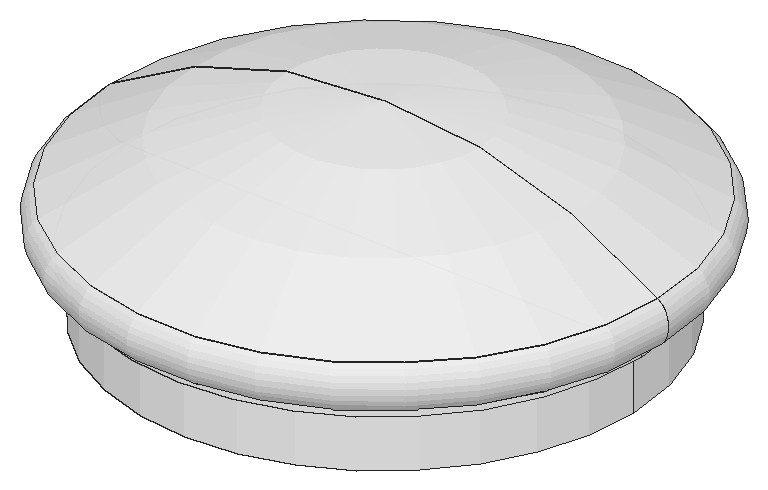
Revit family "3079106 Sylvania_Clio LED_Surface Mounted", category Lighting Fixtures, host Face, Revit 2017
Family settings
  Host = Face
  Round Connector Dimension = Use Diameter
  Part Type = Normal
  OmniClass Number = 23.80.70.11.17
  OmniClass Title = Specialized Lighting by Location or Use
  Cut with Voids When Loaded = No
  Light Source = Yes
  Shared = No
  Room Calculation Point = No
Parameters (values of type "CLIO 320 LO LED 15W WW EB")
  Wattage = 14.2857 W
  built-in parameter 1150110 = 1 (stored number, unit not read)
  Voltage Comments = "UNV (Universal Voltage; 230-240 Volt)"  # constant formula
  Voltage = 230 V  # constant formula
  URL = "http://www.sylvania-lighting.com"
  built-in parameter 1114217 = 1 (stored number, unit not read)
  Tilt Angle = -90.00°
  built-in parameter 1150109 = 1 (stored number, unit not read)
  built-in parameter 1150134 = (empty or 0)
  built-in parameter 1150113 = 1 (stored number, unit not read)
  Radius = 160.00 mm
  Product Page URL = "http://www.sylvania-lighting.com/product/en-int/products/3079106"
  Product Family = "CLIO LED"  # constant formula
  Photometry Comments = ""
  Photometric Web File = "3079103_Clio320LOLED3000K-180013.ies"
  Life = "40 000h"  # constant formula
  IP Rating = "IP 44"  # constant formula
  IK Rating = "IK 04"  # constant formula
  Height = 108.00 mm
  Electrical Protection = "Class II"  # constant formula
  Drive Current = "200 mA"  # constant formula
  Diameter = Radius * 2  # 320.00 mm
  Difuser Material = Acrylic Glass_Sylvania_Clio LED_White
  built-in parameter 1114216 [instance] = 1 (stored number, unit not read)
  Model = "CLIO 320 LO LED 15W WW EB"
  Manufacturer = "Feilo Sylvania"
  built-in parameter 1150105 = 268.69 (stored number, unit not read)
  Lumens = 1000 lm
  built-in parameter 1150115 = 1 (stored number, unit not read)
  built-in parameter 1150137 = (empty or 0)
  built-in parameter 1150139 = (empty or 0)
  built-in parameter 1150112 = 1 (stored number, unit not read)
  built-in parameter 1150114 = 1 (stored number, unit not read)
  Lamp Comments = "Integrated LED"  # constant formula
  Lamp = "10W"  # constant formula
  built-in parameter 1150132 = 2
  built-in parameter 1150102 = (empty or 0)
  built-in parameter 1150107 = 3000 (stored number, unit not read)
  built-in parameter 1150138 = (empty or 0)
  built-in parameter 1150106 = 2.6869 (stored number, unit not read)
  Body Material = Polycarbonate_Sylvania_Clio LED_White
  built-in parameter 1150104 = 6.5032 (stored number, unit not read)
  Dimming Lamp Color Temperature Shift = <None>
  Description = "Clio LED is a new range of wall and\r\nceiling mounted ambient LED luminaires.\r\nThanks to its IP44 rating, the range can be\r\nused in corridors, circulation spaces and\r\nfoyers or applicable zone 1 bathroom and\r\nwet areas.\r\nClio LED benefits from a simple yet\r\nrobust design. It offers a uniform light\r\ndistribution whilst providing an ambient\r\nhalo lighting effect on the wall surface.\r\nClio LED allows for surface wiring and also\r\nhas loop-in loop-out capability, making it a\r\ncontractor’s first choice."  # constant formula
  Default Elevation = 0.00 mm
  Color Filter = 16777215
  Catalog Number = "3079103 CLIO 320 LO LED 15W WW EB"
  built-in parameter 1140040 [instance] = 1
  built-in parameter 1114218 = 1 (stored number, unit not read)
  built-in parameter 1150133 = 10 (stored number, unit not read)
  Assembly Code = "D5020200"
  Apparent Load Comments = ""
  Apparent Load = 15 VA
Types (6, lengths in mm): name | Wattage | built-in parameter 1150134 | Radius | Photometric Web File | Diameter | Model | built-in parameter 1150105 | Lumens | built-in parameter 1150107 | built-in parameter 1150106 | Catalog Number | Apparent Load
  CLIO 320 HO LED 20W WW EB | 20 W | (empty or 0) | 160.00 | "3079101 20W 3000K.ies" | 320.00 | "CLIO 320 HO LED 20W WW EB" | 111.41 (stored number, unit not read) | 1400 lm | 3000 (stored number, unit not read) | 1.1141 (stored number, unit not read) | "3079101 CLIO 320 HO LED 20W WW EB" | 20 VA
  CLIO 320 HO LED 20W NW EB | 21 W | 12 | 160.00 | "3079102_Clio320HOLED4000K-180002.ies" | 320.00 | "CLIO 320 HO LED 20W NW EB" | 116.98 (stored number, unit not read) | 1470 lm | 4000 (stored number, unit not read) | 1.1698 (stored number, unit not read) | "3079102 CLIO 320 HO LED 20W WW EB" | 20 VA
  CLIO 320 LO LED 15W WW EB | 14.2857 W | (empty or 0) | 160.00 | "3079103_Clio320LOLED3000K-180013.ies" | 320.00 | "CLIO 320 LO LED 15W WW EB" | 268.69 (stored number, unit not read) | 1000 lm | 3000 (stored number, unit not read) | 2.6869 (stored number, unit not read) | "3079103 CLIO 320 LO LED 15W WW EB" | 15 VA
  CLIO 320 LO LED 15W NW EB | 15 W | 12 | 160.00 | "3079104_Clio320LOLED4000K-180024.ies" | 320.00 | "CLIO 320 LO LED 15W NW EB" | 274.93 (stored number, unit not read) | 1050 lm | 4000 (stored number, unit not read) | 2.7493 (stored number, unit not read) | "3079104 CLIO 320 LO LED 15W NW EB" | 15 VA
  CLIO 280 HO LED 10W WW EB | 10.1429 W | (empty or 0) | 140.00 | "3079105_Clio280HOLED3000K-180035.ies" | 280.00 | "CLIO 280 HO LED 10W WW EB" | 173.75 (stored number, unit not read) | 710 lm | 3000 (stored number, unit not read) | 1.7375 (stored number, unit not read) | "3079105 CLIO 280 HO LED 10W WW EB" | 10 VA
  CLIO 280 HO LED 10W NW EB | 10.8571 W | 12 | 140.00 | "3079106_Clio280HOLED4000K-180047.ies" | 280.00 | "CLIO 280 HO LED 10W NW EB" | 185.99 (stored number, unit not read) | 760 lm | 4000 (stored number, unit not read) | 1.8599 (stored number, unit not read) | "3079106 CLIO 280 HO LED 10W NW EB" | 10 VA
Reference planes
  plane 1 "Center (Front/Back)": y = 0
  plane 2: z = 0
  plane 3 "Center (Left/Right)": x = 0
  plane 4 "Fixture Bottom": z = 108
  plane 5 "Fixture Right": x = 160
  plane 6 "Fixture Left": x = -160
  plane 7: z = 30
  plane 8: z = 35
  plane 9: x = 140
  plane 10: x = 145
  plane 11: x = -140
  plane 12: x = -145
  plane 13: x = 154
  plane 14: x = -154
Forms (mm)
  Revolve 1, solid, material "Polycarbonate_Sylvania_Clio LED_White" <- "Body Material", detail levels fine
    sketch origin (0, 0, 0) x (1, 0, 0) y (0, 0, 1)
      loop
        line (0, 0) -> (140, 0) -> (140, 30) -> (145, 30) -> (145, 35) -> (0, 35) -> (0, 0)
      axis (0, 35) -> (0, 0)
    angle from 0 to 360
  Revolve 2, solid, material "Acrylic Glass_Sylvania_Clio LED_White" <- "Difuser Material", detail levels fine
    sketch origin (0, 0, 0) x (1, 0, 0) y (0, 0, 1)
      loop
        line (0, 35) -> (145, 35)
        arc (145, 35) -> (159.252, 45.278) -> (154, 62.045) r 15.02
        arc (154, 62.045) -> (80.556, 96.941) -> (0, 108) r 265.802
        line (0, 108) -> (0, 35)
      axis (0, 108) -> (0, 35)
    angle from 0 to 360
  Revolve 3, solid, material "Polycarbonate_Sylvania_Clio LED_White" <- "Body Material", detail levels coarse+medium
    sketch origin (0, 0, 0) x (1, 0, 0) y (0, 0, 1)
      loop
        line (0, 108) -> (0, 0) -> (140, 0) -> (140, 30) -> (145, 30) -> (145, 35)
        arc (145, 35) -> (159.235, 45.283) -> (154, 62.045) r 15.028
        arc (154, 62.045) -> (80.556, 96.941) -> (0, 108) r 265.802
      axis (0, 108) -> (0, 0)
    angle from 0 to 360
Dimensions and locks
  "Height": plane 4 "Fixture Bottom" to plane 2
  equal spacing: plane 5 "Fixture Right", plane 3 "Center (Left/Right)", plane 6 "Fixture Left"
  "Diameter": plane 5 "Fixture Right" to plane 6 "Fixture Left"
  plane 8 to plane 7 to plane 2 = 5.00 mm locked, 30.00 mm locked
  locked: plane 5 "Fixture Right" to plane 10 at 15
  locked: plane 5 "Fixture Right" to plane 9 at 20
  locked: plane 5 "Fixture Right" to plane 13 at 6
  locked: plane 11 to plane 6 "Fixture Left" at 20
  locked: plane 12 to plane 6 "Fixture Left" at 15
  locked: plane 14 to plane 6 "Fixture Left" at 6
  aligned and locked: host face to plane 2
  aligned and locked: level to host face
  aligned and locked: plane 3 "Center (Left/Right)" to Revolve 1 sketch curve
  aligned and locked: Revolve 1 sketch curve to plane 2
  aligned and locked: plane 8 to Revolve 1 sketch curve
  aligned and locked: Revolve 1 sketch curve to plane 7
  aligned and locked: Revolve 1 sketch curve to plane 9
  aligned and locked: Revolve 1 sketch curve to plane 10
  aligned and locked: Revolve 2 sketch curve to plane 8
  aligned and locked: Revolve 2 sketch curve to plane 3 "Center (Left/Right)"  (x2)
  aligned and locked: plane 10 to Revolve 2 sketch curve
  aligned and locked: plane 2 to Revolve 3 sketch curve
  aligned and locked: plane 9 to Revolve 3 sketch curve
  aligned and locked: Revolve 3 sketch curve to plane 7
  aligned and locked: plane 10 to Revolve 3 sketch curve
  aligned and locked: Revolve 3 sketch curve to plane 3 "Center (Left/Right)"  (x2)
  aligned and locked: imposter light to plane 3 "Center (Left/Right)"
  aligned and locked: plane 4 "Fixture Bottom" to imposter light
  aligned and locked: plane 13 to Revolve 3 sketch curve
  aligned and locked: plane 8 to Revolve 3 sketch curve
  aligned and locked: plane 4 "Fixture Bottom" to Revolve 3 sketch curve
  aligned and locked: plane 13 to Revolve 2 sketch curve
  aligned and locked: plane 4 "Fixture Bottom" to Revolve 2 sketch curve
Automatic sketch dimensions
  host sketch curve to host sketch curve = 1337.794 mm
  host sketch curve to host sketch curve = 1283.632 mm
  Revolve 1 sketch curve to plane 3 "Center (Left/Right)" = 0.00 mm
  Revolve 1 sketch curve to level = 55.00 mm
  Revolve 1 sketch curve to Revolve 1 sketch curve = 25.00 mm
  plane 3 "Center (Left/Right)" to Revolve 3 sketch curve = 4.551 mm
  plane 10 to Revolve 3 sketch curve = 0.025 mm
  Revolve 3 sketch curve to level = 45.00 mm
  plane 8 to Revolve 3 sketch curve = 15.028 mm
  Revolve 3 sketch curve to Revolve 3 sketch curve = 67.00 mm
  plane 3 "Center (Left/Right)" to Revolve 2 sketch curve = 4.551 mm
  level to Revolve 2 sketch curve = 10.00 mm
  Revolve 2 sketch curve to Revolve 2 sketch curve = 12.025 mm
  Revolve 2 sketch curve to Revolve 2 sketch curve = 42.00 mm
Connectors
  electrical at (0, 0, 0), driven by "Voltage", driven by "Apparent Load"
    settings: on Revolve 1, index 1, voltage 230 V, apparent load 0 VA, apparent load phase1 15 VA, apparent load phase2 0 VA, apparent load phase3 0 VA, power factor 1, load classification "Lighting", number of poles 1, system type 31, power factor state 1, is connector primary yes, connector utility no, sub classification motor no, connector description ""
